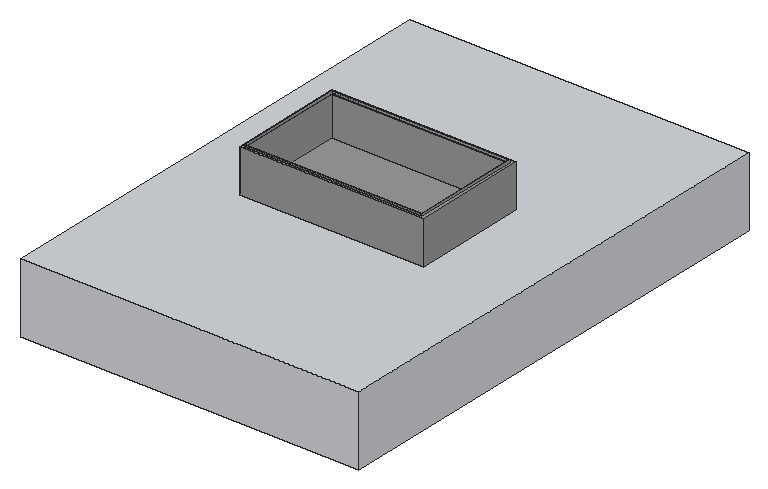
Revit family "Hager-Univers-IP30-D205-H500-Cl.II-Encl-CH-en", category Equipement électrique, Revit 2020
Family settings
  Hôte = Face
  Configuration du panneau = Deux colonnes, circuits au sein
  Cote de connecteur circulaire = Utiliser le diamètre
  Type d'élément = Tableau de raccordement
  Couper avec des vides une fois chargée = Non
  Partagée = Non
  Point de calcul de pièce = Non
Parameters (values of type "Surface mounted (plaster) IP30 W800 H500 D205  - FP33Q1S")
  Width Control [instance] = if([EF000008 - Width] > Min Width, [EF000008 - Width], Min Width)  # 800 mm
  Commentaires du type = [HG000003 - Range]  # "Univers"
  Thickness Door [instance] = if([EF009171 - Material plate thickness door/cover] > 3 mm, 3 mm, [EF009171 - Material plate thickness door/cover])  # 1 mm
  Seal Frame Offset [instance] = 17 mm  # constant formula
  Plinth Visibility [instance] = [HG000027 - Plinth height] > 0 mm  # no
  Model = ""
  Min Width [instance] = 100 mm  # constant formula
  Min Height [instance] = 100 mm  # constant formula
  Min Depth [instance] = (2 * [EF009170 - Material plate thickness cabinet]) + 1 mm  # 3 mm
  Internal Frame Depth [instance] = (Door System Depth * 0.5)  # 9 mm
  Height Control [instance] = if([EF000040 - Height] > Min Height, [EF000040 - Height], Min Height)  # 500 mm
  HG000027 - Plinth height = 0 mm
  HG000026 - Floor standing = no
  HG000024 - Bottom section height = 800 mm
  HG000023 - Double section enclosure = no
  HG000016 - Door 3d visibility [instance] = yes
  HG000015 - Clearance visibility [instance] = no
  HG000014 - Door on the right [instance] = yes
  HG000013 - Door on the left [instance] = not([HG000014 - Door on the right])  # no
  HG000012 - Door swing angle [instance] = 30.00°
  HG000010 - Asymmetric doors = no
  HG000009 - Double swing door = no
  HG000006 - Flush mounted = no
  HG000004 - Manufacturer reference = "FP33Q1S"
  HG000003 - Range = "Univers"
  HG000002 - With door or cover = no
  Frame Offset Bottom [instance] = 10 mm  # constant formula
  Frame Offset [instance] = 15 mm  # constant formula
  EF015940 - Cover with overpressure release = no
  EF011959 - Degree of protection (NEMA) = ""
  EF009554 - Number of openings for flange plates = 6
  EF009212 - Cover model = "EV009916 - With notch"
  EF009171 - Material plate thickness door/cover = 1 mm
  EF009170 - Material plate thickness cabinet = 1 mm
  Fabricant = "Hager"  # constant formula
  EF008873 - Nominal current (In) = 250 A
  EF007800 - Suitable for lightning protection = no
  EF006306 - With lock = no
  EF006244 - Transparent cover/door = no
  EF005474 - Degree of protection (IP) = "EV006410 - IP30"
  EF004464 - Type of door = "EV000494 - None"
  EF004427 - Number of modules = 108
  EF004293 - Impact strength = "EV006813 - IK07"
  EF003532 - Suitable for outdoor use = no
  EF002950 - Width in number of modular spacings = 36
  EF001613 - Circuit integrity = "EV000494 - None"
  EF001596 - Material housing = "EV000179 - Steel"
  EF001131 - Internal depth = 130 mm
  EF001088 - Extension possible = yes
  EF000437 - Number of conduit inlets = 6
  EF000339 - Type of cover = "EV000494 - None"
  EF000266 - Number of rows = 3
  EF000218 - Built-in depth = 0 mm
  EF000118 - With mounting plate = no
  EF000116 - RAL-number = "9010"
  EF000049 - Depth = 205 mm
  EF000040 - Height = 500 mm
  EF000008 - Width = 800 mm
  EF000007 - Colour = "EV000202 - White"
  EF000003 - Mounting method = "EV000384 - Surface mounted (plaster)"
  Door System Leaf Tolerance [instance] = 1.5 mm  # constant formula
  Door System Depth [instance] = 18 mm  # constant formula
  Door Height [instance] = Height Control - [HG000027 - Plinth height]  # 500 mm
  Depth Control [instance] = if([EF000049 - Depth] > Min Depth, [EF000049 - Depth], Min Depth)  # 205 mm
  Default Elevation = 0 mm
  Connector Offset [instance] = Height Control / 2  # 250 mm
  Bottom Top Plate Trim [instance] = 1.5 mm  # constant formula
  Plinth height Ctrl [instance] = if([HG000027 - Plinth height] > 0 mm, [HG000027 - Plinth height], 12 mm)  # 12 mm
Types (5, lengths in mm): name | Width Control | HG000004 - Manufacturer reference | EF009554 - Number of openings for flange plates | EF004427 - Number of modules | EF002950 - Width in number of modular spacings | EF000437 - Number of conduit inlets | EF000008 - Width
  Surface mounted (plaster) IP30 W1050 H500 D205  - FP34Q1S | 1050 | "FP34Q1S" | 8 | 144 | 48 | 8 | 1050
  Surface mounted (plaster) IP30 W1300 H500 D205  - FP35Q1S | 1300 | "FP35Q1S" | 10 | 180 | 60 | 10 | 1300
  Surface mounted (plaster) IP30 W300 H500 D205  - FP31Q1S | 300 | "FP31Q1S" | 2 | 36 | 12 | 2 | 300
  Surface mounted (plaster) IP30 W550 H500 D205  - FP32Q1S | 550 | "FP32Q1S" | 4 | 72 | 24 | 4 | 550
  Surface mounted (plaster) IP30 W800 H500 D205  - FP33Q1S | 800 | "FP33Q1S" | 6 | 108 | 36 | 6 | 800
Reference planes
  plane 1 "Center (Front/Back)": y = 0
  plane 2: z = 0
  plane 3 "Center (Left/Right)": x = 0
  plane 4: z = 205
  plane 5: y = 1
  plane 6: y = 250
  plane 7: y = 0
  plane 8: y = 500
  plane 9: z = 0
  plane 10: x = -385
  plane 11: x = 385
  plane 12: x = 384
  plane 13: x = -384
  plane 14: y = 499
  plane 15: x = -383
  plane 16: x = -400
  plane 17: x = 383
  plane 18: x = 400
  plane 19: x = 399
  plane 20: x = -399
  plane 21: y = 11
  plane 22: y = 500
  plane 23: y = 484
  plane 24: z = 187
  plane 25: z = 1
  plane 26: z = 186
  plane 27: z = 204
Forms (mm)
  Extrusion 1, solid
    sketch origin (0, 0, 0) x (1, 0, 0) y (0, 1, 0)
      loop
        line (-702.964, 1305) -> (-702.964, -811.445) -> (766.763, -811.445) -> (766.763, 1305) -> (-702.964, 1305)
    from 0 to -304.8
  Extrusion 2, solid, material "Hager_Steel_RAL7035_Light_Grey", visible <- "Plinth Visibility", detail levels medium+fine
    sketch origin (0, 0, 0) x (1, 0, 0) y (0, 1, 0)
      loop
        line (-400, 0) -> (400, 0) -> (400, 12) -> (-400, 12) -> (-400, 0)
    from 0 to 187
  Extrusion 3, solid, material "Hager_Steel_RAL7035_Light_Grey", detail levels medium+fine
    sketch origin (0, 0, 0) x (1, 0, 0) y (0, 1, 0)
      loop
        line (-400, 0) -> (400, 0) -> (400, 500) -> (-400, 500) -> (-400, 0)
    from 0 to 187
  Extrusion 4, void
    sketch origin (0, 0, 0) x (1, 0, 0) y (0, 1, 0)
      loop
        line (-399, 1) -> (399, 1) -> (399, 499) -> (-399, 499) -> (-399, 1)
    from 1 to 186
  Extrusion 5, void
    sketch origin (-381.607, -4572, 187) x (0, -1, 0) y (-1, 0, 0)
      loop
        line (-4583, 2.393) -> (-5056, 2.393) -> (-5056, -765.607) -> (-4583, -765.607) -> (-4583, 2.393)
    from 0 to 1 <- "EF009170 - Material plate thickness cabinet"
  Extrusion 6, solid, material "Hager_Steel_RAL7035_Light_Grey", detail levels fine
    sketch origin (0, 0, 187) x (1, 0, 0) y (0, 1, 0)
      loop
        line (-384, 484) -> (-384, 11) -> (384, 11) -> (384, 484) -> (-384, 484)
      loop
        line (-385, 10) -> (385, 10) -> (385, 485) -> (-385, 485) -> (-385, 10)
    from 0 to 9 <- "Internal Frame Depth"
  Extrusion 7, solid, material "Hager_Steel_RAL7035_Light_Grey", detail levels coarse
    sketch origin (0, 0, 0) x (1, 0, 0) y (0, 1, 0)
      loop
        line (-400, 0) -> (400, 0) -> (400, 500) -> (-400, 500) -> (-400, 0)
    from 0 to 205
  Sweep 8, void
    path in 3D
      loop
        line (-400, 12, 0) -> (400, 12, 0) -> (400, 12, 187) -> (-400, 12, 187) -> (-400, 12, 0)
    profile origin (-400, 12, 93.5) x (-1, 0, 0) y (0, -1, 0)
      loop
        line (0, 0) -> (0, 1.5) -> (-1.5, 1.5)
        arc (-1.5, 1.5) -> (-1.061, 0.439) -> (0, 0) r 1.5
Cuts and joins
  Extrusion 4, Extrusion 5 cuts Extrusion 3
  Sweep 8 cuts Extrusion 2
Lines and regions (mm)
  Masking region 1
    outline origin (0, 0, 0) x (1, 0, 0) y (0, 0, 1)
      loop
        line (-400, 205) -> (-400, 0) -> (400, 0) -> (400, 205) -> (-400, 205)
  Masking region 2, detail levels medium+fine
    outline origin (0, 140, 0) x (0, 1, 0) y (0, 0, 1)
      loop
        line (-140, 0) -> (360, 0) -> (360, 187) -> (-140, 187) -> (-140, 0)
  Masking region 3, not visible, detail levels medium+fine
    outline origin (0, 297.922, 0) x (0, 1, 0) y (0, 0, 1)
      loop
        line (-36.422, 0) -> (3.578, 0) -> (3.578, 194)
        arc (3.578, 194) -> (0.649, 201.071) -> (-6.422, 204) r 10
        line (-6.422, 204) -> (-36.422, 204) -> (-36.422, 0)
  Masking region 4, detail levels coarse
    outline origin (0, 0, 180) x (0, 1, 0) y (0, 0, 1)
      loop
        line (0, -180) -> (500, -180) -> (500, 25) -> (0, 25) -> (0, -180)
  Masking region 5, visible <- "Plinth Visibility", detail levels medium+fine
    outline origin (0, 52.24, 12.345) x (0, 0, -1) y (0, 1, 0)
      loop
        line (10.845, -40.24) -> (-173.155, -40.24)
        arc (-173.155, -40.24) -> (-173.594, -41.301) -> (-174.655, -41.74) r 1.5
        line (-174.655, -41.74) -> (-174.655, -52.24) -> (12.345, -52.24) -> (12.345, -41.74)
        arc (12.345, -41.74) -> (11.285, -41.301) -> (10.845, -40.24) r 1.5
  Masking region 6, detail levels medium+fine
    outline origin (-381.607, -4572, 187) x (-1, 0, 0) y (0, -1, 0)
      loop
        line (18.393, -5072) -> (18.393, -4572) -> (-781.607, -4572) -> (-781.607, -5072) -> (18.393, -5072)
  Masking region 7, visible <- "Plinth Visibility", detail levels medium+fine
    outline origin (-381.607, -4727, 187) x (-1, 0, 0) y (0, -1, 0)
      loop
        arc (16.893, -4739) -> (17.332, -4737.939) -> (18.393, -4737.5) r 1.5
        line (18.393, -4737.5) -> (18.393, -4727) -> (-781.607, -4727) -> (-781.607, -4737.5)
        arc (-781.607, -4737.5) -> (-780.546, -4737.939) -> (-780.107, -4739) r 1.5
        line (-780.107, -4739) -> (16.893, -4739)
  Masking region 8, detail levels coarse
    outline origin (-442.548, -4669.526, 187) x (-1, 0, 0) y (0, -1, 0)
      loop
        line (-42.548, -5169.526) -> (-42.548, -4669.526) -> (-842.548, -4669.526) -> (-842.548, -5169.526) -> (-42.548, -5169.526)
  sketch lines
    curve 1: line (-400, 12, 187) -> (-400, 12, 0)
    curve 2: line (400, 12, 187) -> (-400, 12, 187)
    curve 3: line (400, 12, 187) -> (400, 12, 0)
    curve 4: line (-400, 12, 0) -> (400, 12, 0)
Dimensions and locks
  "Depth Control": plane 4 to Extrusion 1
  "HG000027 - Plinth height": plane 1 "Center (Front/Back)" to plane 7
  "EF009170 - Material plate thickness cabinet": plane 5 to plane 7
  locked: connector elem to plane 3 "Center (Left/Right)"
  equal spacing: plane 8, plane 6, plane 7
  locked: connector elem to plane 6
  "EF009170 - Material plate thickness cabinet": plane 8 to plane 14
  "EF009170 - Material plate thickness cabinet": plane 10 to plane 13
  "EF009170 - Material plate thickness cabinet": plane 12 to plane 11
  "Frame Offset": plane 20 to plane 13
  "Frame Offset": plane 12 to plane 19
  "EF009170 - Material plate thickness cabinet": plane 16 to plane 20
  "EF009170 - Material plate thickness cabinet": plane 19 to plane 18
  "Seal Frame Offset": plane 16 to plane 15
  "Seal Frame Offset": plane 17 to plane 18
  "Frame Offset Bottom": plane 21 to plane 5
  "Frame Offset": plane 14 to plane 23
  equal spacing: plane 16, plane 3 "Center (Left/Right)", plane 18
  "Width Control": plane 16 to plane 18
  "EF009170 - Material plate thickness cabinet": plane 4 to plane 27
  "EF009170 - Material plate thickness cabinet": plane 24 to plane 26
  "EF009170 - Material plate thickness cabinet": plane 25 to level
  "Door System Depth": plane 4 to plane 24
  "Height Control": plane 1 "Center (Front/Back)" to Extrusion 7 sketch curve
  "Height Control": Masking region 4 sketch curve to plane 1 "Center (Front/Back)"
  "Height Control": plane 1 "Center (Front/Back)" to plane 22
  "Bottom Top Plate Trim": profile plane to Sweep 8 sketch curve
  "Bottom Top Plate Trim": Sweep 8 sketch curve to profile plane
  "Plinth height Ctrl": plane 1 "Center (Front/Back)" to Extrusion 2 sketch curve
  "Plinth height Ctrl": Masking region 5 sketch curve to plane 1 "Center (Front/Back)"
  "Plinth height Ctrl": plane 1 "Center (Front/Back)" to Masking region 7 sketch curve
  "Thickness Door": Extrusion 6 sketch curve to Extrusion 6 sketch curve  (x3)
  "Thickness Door": cut or joined group of Extrusion 3, Extrusion 4, Extrusion 5 to Extrusion 6 sketch curve
  radius of Masking region 3 sketch curve = 10 mm
  "Bottom Top Plate Trim": radius of Masking region 5 sketch curve  (x2)
  "Bottom Top Plate Trim": radius of Sweep 8 sketch curve
  "Bottom Top Plate Trim": radius of Masking region 7 sketch curve  (x2)
  aligned and locked: plane 2 to Extrusion 1
  aligned and locked: level to Extrusion 1
  aligned and locked: level to Masking region 1 sketch curve
  aligned and locked: Masking region 1 sketch curve to plane 18
  aligned and locked: Masking region 1 sketch curve to plane 16
  aligned and locked: plane 7 to Masking region 2 sketch curve
  aligned and locked: level to Masking region 3 sketch curve
  aligned and locked: Masking region 3 sketch curve to plane 27
  aligned and locked: level to Masking region 2 sketch curve
  aligned and locked: plane 1 "Center (Front/Back)" to Extrusion 2 sketch curve
  aligned and locked: Extrusion 3 sketch curve to plane 7
  aligned and locked: plane 16 to Extrusion 3 sketch curve
  aligned and locked: plane 18 to Extrusion 3 sketch curve
  aligned and locked: plane 20 to Extrusion 4 sketch curve
  aligned and locked: plane 19 to Extrusion 4 sketch curve
  aligned and locked: Extrusion 4 sketch curve to plane 5
  aligned and locked: Extrusion 4 to plane 25
  aligned and locked: plane 26 to Extrusion 4
  aligned and locked: plane 24 to Extrusion 3
  aligned and locked: Extrusion 5 sketch curve to plane 21
  aligned and locked: Extrusion 5 sketch curve to plane 13
  aligned and locked: Extrusion 5 sketch curve to plane 12
  aligned and locked: plane 18 to Extrusion 7 sketch curve
  aligned and locked: plane 1 "Center (Front/Back)" to Extrusion 7 sketch curve
  aligned and locked: plane 16 to Extrusion 7 sketch curve
  aligned and locked: plane 4 to Extrusion 7
  aligned and locked: Extrusion 7 to level
  aligned and locked: level to Masking region 4 sketch curve
  aligned and locked: Masking region 4 sketch curve to plane 1 "Center (Front/Back)"
  aligned and locked: Masking region 4 sketch curve to plane 4
  aligned and locked: nested 1 to level
  aligned and locked: nested 1 to plane 16
  aligned and locked: plane 8 to Extrusion 3 sketch curve
  aligned and locked: plane 23 to Extrusion 5 sketch curve
  aligned and locked: plane 14 to Extrusion 4 sketch curve
  aligned and locked: Masking region 2 sketch curve to plane 8
  aligned and locked: level to Masking region 5 sketch curve
  aligned and locked: plane 16 to Extrusion 2 sketch curve
  aligned and locked: plane 18 to Extrusion 2 sketch curve
  aligned and locked: Masking region 5 sketch curve to plane 24
  aligned and locked: Masking region 2 sketch curve to plane 24
  aligned and locked: plane 24 to Extrusion 2
  aligned and locked: profile plane to Sweep 8 sketch curve  (x2)
  aligned and locked: Masking region 6 sketch curve to plane 18
  aligned and locked: Masking region 6 sketch curve to plane 22
  aligned and locked: Masking region 6 sketch curve to plane 16
  aligned and locked: plane 8 to plane 22
  aligned and locked: Masking region 6 sketch curve to plane 7
  aligned and locked: Masking region 7 sketch curve to plane 16
  aligned and locked: Masking region 7 sketch curve to plane 1 "Center (Front/Back)"
  aligned and locked: Masking region 7 sketch curve to plane 18
  aligned and locked: Masking region 8 sketch curve to plane 1 "Center (Front/Back)"
  aligned and locked: Masking region 8 sketch curve to plane 18
  aligned and locked: Masking region 8 sketch curve to plane 22
  aligned and locked: Masking region 8 sketch curve to plane 16
  aligned and locked: nested 2 to plane 7
  aligned and locked: plane 3 "Center (Left/Right)" to nested 2
  aligned and locked: nested 2 to plane 24
  aligned and locked: Extrusion 6 sketch curve to cut or joined group of Extrusion 3, Extrusion 4, Extrusion 5  (x4)
Automatic sketch dimensions
  Extrusion 1 sketch curve to Extrusion 1 sketch curve = 1469.727 mm
  Extrusion 1 sketch curve to Extrusion 1 sketch curve = 2116.445 mm
  Masking region 1 sketch curve to plane 4 = 0 mm
  plane 6 to Masking region 3 sketch curve = 11.5 mm
  Masking region 3 sketch curve to Masking region 3 sketch curve = 30 mm
  Masking region 5 sketch curve to plane 1 "Center (Front/Back)" = 0 mm
Nested families
  nested 1: "Hager_Enclosure_Symbol" at (-400, 0, 0) x (1, 0, 0) z (0, -1, 0), Height <- "Depth Control", Width <- "Width Control", type "Hager_Enclosure_Symbol"
    with Width_Ctrl 800 mm, Width 800 mm, Height_Ctrl 205 mm, Height 205 mm, A_Width_Int 13.453 mm, A_Width 161.438 mm, A_Height_Ctrl 179.375 mm, A_Height 179.375 mm
  nested 2: "EC000058_Univers_Door" at (0, 0, 187) x (1, 0, 0) z (0, 1, 0), Leaf_Tolerance <- "Door System Leaf Tolerance", Angle <- "HG000012 - Door swing angle", Door_Depth <- "Door System Depth", Door_Left <- "HG000013 - Door on the left", Transparent <- "EF006244 - Transparent cover/door", Assymetrical <- "HG000010 - Asymmetric doors", Width <- "Width Control", Clearance <- "HG000015 - Clearance visibility", Double <- "HG000009 - Double swing door", 3d_Door <- "HG000016 - Door 3d visibility", Lock_Visibility <- "EF006306 - With lock", Width_Ctrl <- "Width Control", Door_Right <- "HG000014 - Door on the right", Door <- "HG000002 - With door or cover", Height <- "Door Height", Thickness <- "Thickness Door", type "EC000058_Univers_Door", detail levels medium+fine
    with min_wh 3 mm, Width_Ctrl 800 mm, Width 800 mm, Transparent no, Thickness 1 mm, Seal_Material Hager_Rubber, Lock_Visibility no, Lock_Material Hager_Plastic_RAL9005_Jet_Black, Leaf_Width 800 mm, Leaf_Tolerance_External_Sides 0 mm, Leaf_Tolerance 1.5 mm, Leaf_Offset 0 mm, Leaf_Height 497 mm, Leaf_2_Width 800 mm, Leaf_2_Offset 400 mm, Leaf_1_Width 800 mm, Leaf_1_Offset 400 mm, Height_Ctrl 500 mm, Height 500 mm, Glass_Material Hager_Glass, Double_Clearance_Ctrl no, Double no, Door_Right_Ctrl no, Door_Right yes, Door_Material Hager_Steel_RAL7035_Light_Grey, Door_Left_Ctrl no, Door_Left no, Door_Depth 18 mm, Door no, Clearance_Material Hager_Clearance, Clearance_Depth 800 mm, Clearance_Ctrl no, Clearance no, Assymetrical no, Angle 30.00°, 3d_Door yes
Connectors
  electrical at (0, 250, 0)
    settings: on plane 9, index 1, voltage 0 V, apparent load 0 VA, apparent load phase1 0 VA, apparent load phase2 0 VA, apparent load phase3 0 VA, power factor 1, load classification "Other", number of poles 1, system type 30, power factor state 1, is connector primary yes, connector utility no, sub classification motor no, connector description ""
Definition of nested family "Hager_Enclosure_Symbol"
  Parameters (values of type "Hager_Enclosure_Symbol")
    Width_Ctrl [instance] = if(Width > 1 mm, Width, 1 mm)  # 102.27 mm
    Width [instance] = 102.27 mm
    Height_Ctrl [instance] = if(Height > 1 mm, Height, 1 mm)  # 66.5 mm
    A_Width_Int [instance] = if(A_Width / 12 > 2 mm, A_Width / 12, 2 mm)  # 4.364 mm
    A_Width [instance] = if(A_Height_Ctrl * 0.9 > 2 mm, A_Height_Ctrl * 0.9, 2 mm)  # 52.369 mm
    A_Height_Ctrl [instance] = if(A_Height > 2 mm, A_Height, 2 mm)  # 58.188 mm
    Height [instance] = 66.5 mm
    A_Height [instance] = Height - (Height / 8)  # 58.188 mm
  Reference planes
    plane 1 "Centre (avant/arrière)": y = 0
    plane 2: z = 0
    plane 3 "Centre (gauche/droite)": x = 0
    plane 4: x = 52.369
    plane 5: y = 33.042
    plane 6: y = 41.77
    plane 7: y = 66.5
    plane 8: x = 26.184
    plane 9: y = 37.406
    plane 10: x = 102.27
    plane 11: y = 66.5
    plane 12: y = 8.313
  Lines and regions (mm)
    Filled region 1, type "Solid_Black", in view "Niveau de réf."
      outline origin (0, 0, 0) x (1, 0, 0) y (0, 1, 0)
        loop
          line (52.369, 66.5) -> (33.188, 54.536) -> (45.365, 45.006) -> (52.369, 66.5)
    Filled region 2, type "Solid_Black", in view "Niveau de réf."
      outline origin (0, 0, 0) x (1, 0, 0) y (0, 1, 0)
        loop
          line (0, 0) -> (102.27, 0) -> (102.27, 66.5) -> (0, 0)
    detail lines, in view "Niveau de réf."
      curve 1: line (0, 8.313, 0) -> (26.184, 41.77, 0)
      curve 2: line (26.184, 41.77, 0) -> (26.184, 33.042, 0)
      curve 3: line (26.184, 33.042, 0) -> (52.369, 66.5, 0)
  Dimensions and locks
    "A_Width": plane 3 "Centre (gauche/droite)" to plane 4
    equal spacing: plane 3 "Centre (gauche/droite)", plane 8, plane 4
    equal spacing: plane 6, plane 9, plane 5
    equal spacing: curve 3, Filled region 1 sketch curve, Filled region 1 sketch curve
    "Height_Ctrl": plane 1 "Centre (avant/arrière)" to plane 11
    "A_Height_Ctrl": plane 11 to plane 12
    equal spacing: plane 11, plane 9, plane 12
    "A_Width_Int": plane 6 to plane 9
    "Width_Ctrl": plane 3 "Centre (gauche/droite)" to plane 10
    angle Filled region 1 sketch curve to curve 3 = 20.00°
    angle curve 3 to Filled region 1 sketch curve = 20.00°
    locked: curve 3 to Filled region 1 sketch curve (angle 90.00°)
    aligned and locked: plane 10 to Filled region 2
    aligned and locked: plane 11 to Filled region 2 sketch curve
    aligned and locked: plane 10 to Filled region 2 sketch curve
    aligned and locked: plane 3 "Centre (gauche/droite)" to curve 1
    aligned and locked: plane 12 to curve 1
    aligned and locked: plane 7 to plane 11
  Automatic sketch dimensions
    Filled region 1 sketch curve to plane 4 = 0 mm
    Filled region 1 sketch curve to plane 7 = 0 mm
    plane 1 "Centre (avant/arrière)" to Filled region 2 sketch curve = 0 mm
    Filled region 2 sketch curve to plane 3 "Centre (gauche/droite)" = 0 mm
    curve 2 to plane 6 = 0 mm
    curve 2 to plane 8 = 0 mm
    curve 3 to plane 4 = 0 mm
    curve 2 to plane 5 = 0 mm
    curve 3 to plane 7 = 0 mm
Definition of nested family "EC000058_Univers_Door"
  Parameters (values of type "EC000058_Univers_Door")
    min_wh [instance] = (2 * Thickness) + 1 mm  # 11 mm
    Width_Ctrl [instance] = 400 mm
    Width [instance] = 500 mm
    Transparent [instance] = yes
    Thickness [instance] = 5 mm
    Seal_Material [instance] = none
    Lock_Visibility [instance] = yes
    Lock_Material [instance] = none
    Leaf_Width [instance] = if((Width_Ctrl - 2 * Leaf_Tolerance_External_Sides) > 0 mm, (Width_Ctrl - 2 * Leaf_Tolerance_External_Sides), min_wh)  # 400 mm
    Leaf_Tolerance_External_Sides [instance] = 0 mm  # constant formula
    Leaf_Tolerance [instance] = 1.5 mm
    Leaf_Offset [instance] = 0 mm  # constant formula
    Leaf_Height [instance] = if((Height_Ctrl - 2 * Leaf_Tolerance) > 0 mm, (Height_Ctrl - 2 * Leaf_Tolerance), min_wh)  # 497 mm
    Leaf_2_Width [instance] = if(and(and(Double, Assymetrical), Door_Left), (Leaf_Width / 3) - (Leaf_Tolerance / 2), if(and(and(Double, Assymetrical), Door_Right), (Leaf_Width / 3) * 2 - (Leaf_Tolerance / 2), if(and(Double, not(Assymetrical)), (Leaf_Width / 2) - Leaf_Tolerance, Leaf_Width)))  # 400 mm
    Leaf_2_Offset [instance] = if(and(Double, Assymetrical), Leaf_2_Width / 2, if(and(Double, not(Assymetrical)), Leaf_Width / 4, Leaf_Width / 2))  # 200 mm
    Leaf_1_Width [instance] = if(and(and(Double, Assymetrical), Door_Right), (Leaf_Width / 3) - (Leaf_Tolerance / 2), if(and(and(Double, Assymetrical), Door_Left), (Width / 3) * 2 - (Leaf_Tolerance / 2), if(and(Double, not(Assymetrical)), (Leaf_Width / 2) - Leaf_Tolerance, Leaf_Width)))  # 400 mm
    Leaf_1_Offset [instance] = if(and(Double, Assymetrical), Leaf_1_Width / 2, if(and(Double, not(Assymetrical)), Leaf_Width / 4, Leaf_Width / 2))  # 200 mm
    Height_Ctrl [instance] = if(Height > min_wh, Height, min_wh)  # 500 mm
    Height [instance] = 500 mm
    Glass_Material [instance] = none
    Double_Clearance_Ctrl [instance] = and(Double, Clearance)  # no
    Double [instance] = no
    Door_Right_Ctrl [instance] = and(or(Door_Right, Double), Door)  # yes
    Door_Right [instance] = yes
    Door_Material [instance] = none
    Door_Left_Ctrl [instance] = and(or(Door_Left, Double), Door)  # no
    Door_Left [instance] = no
    Door_Depth [instance] = 30 mm
    Door [instance] = yes
    Default Elevation = 1219.2 mm
    Clearance_Material [instance] = none
    Clearance_Depth [instance] = if(Leaf_1_Width > Leaf_2_Width, Leaf_1_Width, Leaf_2_Width)  # 400 mm
    Clearance_Ctrl [instance] = and(not(Double), Clearance)  # yes
    Clearance [instance] = yes
    Assymetrical [instance] = yes
    Angle [instance] = 30.00°
    3d_Door [instance] = yes
  Reference planes
    plane 1 "Center (Front/Back)": y = 0
    plane 2 "Bottom": z = 0
    plane 3 "Center (Left/Right)": x = 0
    plane 4: z = 500
    plane 5: x = -200
    plane 6: x = 200
    plane 7: z = 500
    plane 8: x = -200
    plane 9: z = 0
    plane 10: x = 200
    plane 11: y = 0
    plane 12: z = 1.5
    plane 13: x = -600
    plane 14: y = -400
    plane 15: x = 600
    plane 16: x = 0
    plane 17: x = 0
    plane 18: x = -200
    plane 19: x = 200
    plane 20: z = 498.5
  Forms (mm)
    Extrusion 1, solid, material <- "Clearance_Material", visible <- "Double_Clearance_Ctrl"
      sketch origin (1200, 0, 0) x (1, 0, 0) y (0, 0, -1)
        loop
          line (-1800, -498.5) -> (-600, -498.5) -> (-600, 0) -> (-1800, 0) -> (-1800, -498.5)
      from 0 to -400
  Dimensions and locks
    equal spacing: plane 5, plane 3 "Center (Left/Right)", plane 6
    "Width_Ctrl": plane 5 to plane 6
    "Leaf_Offset": plane 5 to plane 8
    "Leaf_Offset": plane 6 to plane 10
    "Leaf_Offset": plane 9 to level
    "Leaf_Offset": plane 4 to plane 7
    "Height_Ctrl": plane 4 to level
    "Leaf_Tolerance": plane 12 to plane 9
    locked: plane 11 to plane 1 "Center (Front/Back)"
    "Leaf_1_Offset": plane 18 to plane 16
    "Leaf_2_Offset": plane 17 to plane 19
    "Leaf_1_Width": plane 13 to plane 8
    "Leaf_2_Width": plane 10 to plane 15
    "Clearance_Depth": plane 14 to plane 1 "Center (Front/Back)"
    "Leaf_Tolerance_External_Sides": plane 8 to plane 18
    "Leaf_Tolerance_External_Sides": plane 19 to plane 10
    "Leaf_Tolerance": plane 7 to plane 20
    aligned and locked: level to plane 2 "Bottom"
    aligned and locked: nested 1 to plane 16
    aligned and locked: nested 2 to plane 17
    aligned and locked: Extrusion 1 to plane 13
    aligned and locked: plane 15 to Extrusion 1
    aligned and locked: Extrusion 1 to plane 14
    aligned and locked: plane 12 to nested 1
    aligned and locked: nested 2 to plane 12
    aligned and locked: Extrusion 1 to plane 11
    aligned and locked: plane 20 to Extrusion 1
    aligned and locked: nested 2 to plane 11
    aligned and locked: nested 1 to plane 11
  Automatic sketch dimensions
    Extrusion 1 sketch curve to level = 0 mm
    plane 5 to Extrusion 1 sketch curve = 400 mm
    plane 6 to Extrusion 1 sketch curve = 400 mm
    Extrusion 1 sketch curve to plane 4 = 1.5 mm
  Nested families
    nested 1: "EC000058_Univers_Door_Leaf" at (0, 0, 1.5), Width <- "Leaf_1_Width", visible <- "Door_Left_Ctrl", Leaf_Height <- "Leaf_Height", Angle <- "Angle", 3d_Door <- "3d_Door", Transparent <- "Transparent", Clearance Material <- "Clearance_Material", Clearance <- "Clearance_Ctrl", Door_Material <- "Door_Material", Glass_Material <- "Glass_Material", Door_Depth <- "Door_Depth", Lock_Material <- "Lock_Material", Seal_Material <- "Seal_Material", Lock_Visibility <- "Lock_Visibility", Thickness <- "Thickness", type "EC000058_Univers_Door_Leaf"
      with Width 400 mm, Transparent_Glass_Offset 30 mm, Transparent_Ctrl yes, Transparent yes, Thickness 5 mm, Standard no, Seal_Material none, Seal_D2 8 mm, Seal_D1 1 mm, Offset_Internal_Frame 10 mm, Lock_Width 20 mm, Lock_Visibility_3d yes, Lock_Visibility yes, Lock_Thickness_3 3 mm, Lock_Thickness_2 1 mm, Lock_Thickness_1 3 mm, Lock_Radius_Offset_2 16 mm, Lock_Radius_Offset_1 15 mm, Lock_Radius_2 5 mm, Lock_Radius 6 mm, Lock_Offset 5 mm, Lock_Material none, Lock_Height 80 mm, Lock_Cover_Top_Offset_2d 17 mm, Lock_Cover_Height -65 mm, Leaf_Height 497 mm, Internal_Seal_Thickness 8 mm, Internal_Seal_Depth_2 4.5 mm, Internal_Frame_Depth 25 mm, Glass_Thickness -1 mm, Glass_Offset -2 mm, Glass_Material none, Door_Material none, Door_Depth 30 mm, Clearance Material none, Clearance yes, Angle_Ctrl 30.00°, Angle 30.00°, 3d_Door yes
    nested 2: "EC000058_Univers_Door_Leaf" at (0, 0, 1.5) x (-1, 0, 0) z (0, 0, 1), Width <- "Leaf_2_Width", visible <- "Door_Right_Ctrl", Leaf_Height <- "Leaf_Height", Angle <- "Angle", 3d_Door <- "3d_Door", Transparent <- "Transparent", Clearance Material <- "Clearance_Material", Clearance <- "Clearance_Ctrl", Door_Material <- "Door_Material", Glass_Material <- "Glass_Material", Door_Depth <- "Door_Depth", Lock_Material <- "Lock_Material", Seal_Material <- "Seal_Material", Lock_Visibility <- "Lock_Visibility", Thickness <- "Thickness", type "EC000058_Univers_Door_Leaf"
      with Width 400 mm, Transparent_Glass_Offset 30 mm, Transparent_Ctrl yes, Transparent yes, Thickness 5 mm, Standard no, Seal_Material none, Seal_D2 8 mm, Seal_D1 1 mm, Offset_Internal_Frame 10 mm, Lock_Width 20 mm, Lock_Visibility_3d yes, Lock_Visibility yes, Lock_Thickness_3 3 mm, Lock_Thickness_2 1 mm, Lock_Thickness_1 3 mm, Lock_Radius_Offset_2 16 mm, Lock_Radius_Offset_1 15 mm, Lock_Radius_2 5 mm, Lock_Radius 6 mm, Lock_Offset 5 mm, Lock_Material none, Lock_Height 80 mm, Lock_Cover_Top_Offset_2d 17 mm, Lock_Cover_Height -65 mm, Leaf_Height 497 mm, Internal_Seal_Thickness 8 mm, Internal_Seal_Depth_2 4.5 mm, Internal_Frame_Depth 25 mm, Glass_Thickness -1 mm, Glass_Offset -2 mm, Glass_Material none, Door_Material none, Door_Depth 30 mm, Clearance Material none, Clearance yes, Angle_Ctrl 30.00°, Angle 30.00°, 3d_Door yes
  Definition of nested family "EC000058_Univers_Door_Leaf"
    Parameters (values of type "EC000058_Univers_Door_Leaf")
      Width [instance] = 2000 mm
      Transparent_Glass_Offset [instance] = 30 mm
      Transparent_Ctrl [instance] = and(Transparent, [3d_Door])  # yes
      Transparent [instance] = yes
      Thickness [instance] = 5 mm
      Standard [instance] = and(not(Transparent), [3d_Door])  # no
      Seal_Material [instance] = none
      Seal_D2 [instance] = 8 mm  # constant formula
      Seal_D1 [instance] = 1 mm  # constant formula
      Offset_Internal_Frame [instance] = 10 mm  # constant formula
      Lock_Width [instance] = 20 mm  # constant formula
      Lock_Visibility_3d [instance] = and(Lock_Visibility, [3d_Door])  # yes
      Lock_Visibility [instance] = yes
      Lock_Thickness_3 [instance] = 3 mm  # constant formula
      Lock_Thickness_2 [instance] = 1 mm  # constant formula
      Lock_Thickness_1 [instance] = 3 mm  # constant formula
      Lock_Radius_Offset_2 [instance] = Lock_Radius_Offset_1 + 1 mm  # 16 mm
      Lock_Radius_Offset_1 [instance] = 15 mm  # constant formula
      Lock_Radius_2 [instance] = Lock_Radius - 1 mm  # 5 mm
      Lock_Radius [instance] = 6 mm  # constant formula
      Lock_Offset [instance] = 5 mm  # constant formula
      Lock_Material [instance] = none
      Lock_Height [instance] = 80 mm  # constant formula
      Lock_Cover_Top_Offset_2d [instance] = Lock_Radius_Offset_2 + 1 mm  # 17 mm
      Lock_Cover_Height [instance] = -(Lock_Height - Lock_Radius_Offset_1)  # -65 mm
      Leaf_Height [instance] = 2720.336 mm
      Internal_Seal_Thickness [instance] = 8 mm  # constant formula
      Internal_Seal_Depth_2 [instance] = 4.5 mm  # constant formula
      Internal_Frame_Depth [instance] = if(Door_Depth - Thickness > 5 mm, Door_Depth - Thickness, 5 mm)  # 25 mm
      Glass_Thickness [instance] = if(Thickness > 15 mm, Glass_Offset + 10 mm, -1 mm)  # -1 mm
      Glass_Offset [instance] = if(Thickness > 15 mm, -(Thickness + 10 mm) / 2, -2 mm)  # -2 mm
      Glass_Material [instance] = none
      Door_Material [instance] = none
      Door_Depth [instance] = 30 mm
      Default Elevation = 0 mm
      Clearance Material [instance] = none
      Clearance [instance] = yes
      Angle_Ctrl [instance] = if(Angle > 180.00°, 180.00°, Angle)  # 90.00°
      Angle [instance] = 90.00°
      3d_Door [instance] = yes
    Reference planes
      plane 1 "Center (Front/Back)": y = 0
      plane 2: z = 0
      plane 3 "Center (Left/Right)": x = 0
      plane 4: y = 2000
      plane 5: x = -1000
      plane 6: x = 1000
      plane 7: x = -3000
      plane 8: z = 2720.336
      plane 9: z = 30
      plane 10: z = 2690.336
      plane 11: x = 970
      plane 12: x = -970
      plane 13: y = -3
      plane 14: z = 107.833
      plane 15: y = -5
      plane 16: y = -223.314
      plane 17: x = -1000
      plane 18: z = 1360.168
      plane 19: y = 30
    Forms (mm)
      Extrusion 1, solid, material <- "Clearance Material", visible <- "Clearance"
        sketch origin (0, 0, 0) x (1, 0, 0) y (0, 0, 1)
          loop
            line (-3000, 2720.336) -> (-3000, 0) -> (1000, 0) -> (1000, 2720.336) -> (-3000, 2720.336)
        from 0 to -2000
      Extrusion 2, solid, material <- "Door_Material", visible <- "Standard", detail levels medium+fine
        sketch origin (-1000, 0, 0) x (0, 1, 0) y (-1, 0, 0)
          loop
            line (0, 30) -> (0, 25) -> (2000, 25) -> (2000, 30) -> (0, 30)
        from 0 to 2720.336 <- "Leaf_Height"
      Extrusion 3, solid, material <- "Door_Material", visible <- "Transparent_Ctrl", detail levels medium+fine
        sketch origin (-1000, 0, 0) x (0, 1, 0) y (-1, 0, 0)
          loop
            line (0, 25) -> (2000, 25) -> (2000, 30) -> (0, 30) -> (0, 25)
        from 0 to 2720.336 <- "Leaf_Height"
      Extrusion 4, void
        sketch origin (-1025, 2000, 0) x (0, 1, 0) y (0, 0, -1)
          loop
            line (-30, -2690.336) -> (-30, -30) -> (-1970, -30) -> (-1970, -2690.336) -> (-30, -2690.336)
        from 0 to 5 <- "Thickness"
      Sweep 5, solid, material <- "Seal_Material", visible <- "Transparent_Ctrl", detail levels fine
        path in 3D
          loop
            line (-1025, 30, 30) -> (-1025, 30, 2690.336) -> (-1025, 1970, 2690.336) -> (-1025, 1970, 30) -> (-1025, 30, 30)
        profile origin (-1025, 1000, 30) x (1, 0, 0) y (0, 0, 1)
          loop
            line (0, 0) -> (0, -8) -> (1, -8) -> (1, 0) -> (0, 0)
      Extrusion 6, solid, material <- "Glass_Material", visible <- "Transparent_Ctrl", detail levels medium+fine
        sketch origin (-1030, 0, 0) x (0, 1, 0) y (0, 0, -1)
          loop
            line (1970, -2690.336) -> (1970, -30) -> (30, -30) -> (30, -2690.336) -> (1970, -2690.336)
        from -2 <- "Glass_Offset" to -1 <- "Glass_Thickness"
      Extrusion 7, solid, material <- "Door_Material", visible <- "3d_Door", detail levels medium+fine
        sketch origin (-1025, 2000, 0) x (0, -1, 0) y (0, 0, -1)
          loop
            line (0, -2720.336) -> (2000, -2720.336) -> (2000, 0) -> (0, 0) -> (0, -2720.336)
          loop
            line (1995, -5) -> (5, -5) -> (5, -2715.336) -> (1995, -2715.336) -> (1995, -5)
        from 0 to 25 <- "Internal_Frame_Depth"
      Sweep 8, solid, material <- "Seal_Material", visible <- "Transparent_Ctrl", detail levels fine
        path in 3D
          loop
            line (-1025, 0, 0) -> (-1025, 2000, 0) -> (-1025, 2000, 2720.336) -> (-1025, 0, 2720.336) -> (-1025, 0, 0)
        profile origin (-1025, 0, 1360.168) x (1, 0, 0) y (0, 1, 0)
          loop
            line (0, 10) -> (2.975, 10)
            arc (2.975, 10) -> (4.053, 10.447) -> (4.5, 11.525) r 1.525
            line (4.5, 11.525) -> (4.5, 16.527)
            arc (4.5, 16.527) -> (4.069, 17.569) -> (3.027, 18) r 1.473
            line (3.027, 18) -> (0, 18) -> (0, 10)
      Extrusion 9, solid, material <- "Lock_Material", visible <- "Lock_Visibility_3d", detail levels fine
        sketch origin (-1030, 0, 0) x (0, 1, 0) y (0, 0, -1)
          loop
            arc (1993.5, -1400.168) -> (1994.561, -1399.729) -> (1995, -1398.668) r 1.5
            line (1995, -1398.668) -> (1995, -1320.168) -> (1975, -1320.168) -> (1975, -1398.668)
            arc (1975, -1398.668) -> (1975.439, -1399.729) -> (1976.5, -1400.168) r 1.5
            line (1976.5, -1400.168) -> (1993.5, -1400.168)
        from 3 <- "Lock_Thickness_1" to 0
      Blend 10, solid, material <- "Lock_Material", visible <- "Lock_Visibility_3d", detail levels fine
        base sketch origin (-1033, 0, 0) x (0, 1, 0) y (0, 0, -1)
          loop
            line (1975, -1320.168) -> (1975, -1398.668)
            arc (1975, -1398.668) -> (1975.439, -1399.729) -> (1976.5, -1400.168) r 1.5
            line (1976.5, -1400.168) -> (1993.5, -1400.168)
            arc (1993.5, -1400.168) -> (1994.561, -1399.729) -> (1995, -1398.668) r 1.5
            line (1995, -1398.668) -> (1995, -1320.168) -> (1975, -1320.168)
        top sketch origin (-1033, 0, 0) x (0, 1, 0) y (0, 0, -1)
          loop
            line (1976, -1320.168) -> (1976, -1398.668)
            arc (1976, -1398.668) -> (1976.146, -1399.022) -> (1976.5, -1399.168) r 0.5
            line (1976.5, -1399.168) -> (1993.5, -1399.168)
            arc (1993.5, -1399.168) -> (1993.854, -1399.022) -> (1994, -1398.668) r 0.5
            line (1994, -1398.668) -> (1994, -1320.168) -> (1976, -1320.168)
        from 0 to 1 <- "Lock_Thickness_2"
      Blend 11, solid, material <- "Lock_Material", visible <- "Lock_Visibility_3d", detail levels fine
        base sketch origin (-1034, 0, 0) x (0, 1, 0) y (0, 0, -1)
          loop
            line (1978, -1320.168) -> (1978, -1384.168)
            arc (1978, -1384.168) -> (1985, -1391.168) -> (1992, -1384.168) r 7
            line (1992, -1384.168) -> (1992, -1320.168) -> (1978, -1320.168)
        top sketch origin (-1034, 0, 0) x (0, 1, 0) y (0, 0, -1)
          loop
            line (1991, -1320.168) -> (1979, -1320.168) -> (1979, -1383.168)
            arc (1979, -1383.168) -> (1985, -1389.168) -> (1991, -1383.168) r 6
            line (1991, -1383.168) -> (1991, -1320.168)
        from 0 to 3 <- "Lock_Thickness_3"
      Extrusion 12, solid, material <- "Lock_Material", visible <- "Lock_Visibility_3d", detail levels fine
        sketch origin (-1030, 1975, 1320.168) x (1, 0, 0) y (0, -1, 0)
          loop
            line (-7, -19) -> (-7, -1) -> (0, -1) -> (0, 0) -> (-8, 0) -> (-8, -20) -> (0, -20) -> (0, -19) -> (-7, -19)
        from 0 to -65 <- "Lock_Cover_Height"
      Extrusion 13, void
        sketch origin (-1038, 1995, 1320.168) x (-1, 0, 0) y (0, 0, -1)
          loop
            line (-5, -65) -> (0, -65) -> (-5, -60) -> (-5, -65)
        from 0 to 20 <- "Lock_Width"
      Extrusion 14, void
        sketch origin (-1038, 1975, 1320.168) x (0, -1, 0) y (0, 0, -1)
          loop
            circle (-10, -15.995) r 6
          loop
            circle (-10, -15.995) r 5
        from 0 to 2
      Extrusion 15, solid, material <- "Lock_Material", visible <- "Lock_Visibility_3d", detail levels medium
        sketch origin (-1030, 0, 0) x (0, 1, 0) y (0, 0, -1)
          loop
            arc (1993.5, -1400.168) -> (1994.561, -1399.729) -> (1995, -1398.668) r 1.5
            line (1995, -1398.668) -> (1995, -1320.168) -> (1975, -1320.168) -> (1975, -1398.668)
            arc (1975, -1398.668) -> (1975.439, -1399.729) -> (1976.5, -1400.168) r 1.5
            line (1976.5, -1400.168) -> (1993.5, -1400.168)
        from 8 to 0
    Cuts and joins
      Extrusion 4 cuts Extrusion 3
      Extrusion 13, Extrusion 14 cuts Extrusion 9
      Extrusion 14 cuts Blend 11
      Extrusion 13, Extrusion 14 cuts Extrusion 12
      joined: Extrusion 9, Blend 10, Blend 11, Extrusion 12
      Extrusion 14 cuts Extrusion 15
    Lines and regions (mm)
      Masking region 1, visible <- "Lock_Visibility", detail levels fine
        outline origin (0, 0, 0) x (0, 1, 0) y (0, 0, 1)
          loop
            line (30, 1320.168) -> (33, 1320.168) -> (33, 1400.168) -> (30, 1400.168) -> (30, 1320.168)
      Masking region 2, visible <- "Lock_Visibility", detail levels fine
        outline origin (0, 3.143, 0) x (0, 1, 0) y (0, 0, 1)
          loop
            line (29.857, 1354.168) -> (30.857, 1354.168) -> (30.857, 1366.168) -> (29.857, 1366.168) -> (29.857, 1354.168)
      Masking region 3, detail levels medium+fine
        outline origin (0, 0, 0) x (0, 1, 0) y (0, 0, 1)
          loop
            line (0, 0) -> (30, 0) -> (30, 2720.336) -> (0, 2720.336) -> (0, 0)
      Masking region 4, detail levels medium+fine
        outline origin (0, 0, 0) x (1, 0, 0) y (0, 0, 1)
          loop
            line (-1000, 2720.336) -> (-1000, 0) -> (1000, 0) -> (1000, 2720.336) -> (-1000, 2720.336)
      Masking region 5, visible <- "Lock_Visibility", detail levels fine
        outline origin (-47.116, 0, 0) x (1, 0, 0) y (0, 0, 1)
          loop
            arc (1024.616, 1399.168) -> (1023.556, 1398.729) -> (1023.116, 1397.668) r 1.5
            line (1023.116, 1397.668) -> (1023.116, 1320.168) -> (1041.116, 1320.168) -> (1041.116, 1397.668)
            arc (1041.116, 1397.668) -> (1040.677, 1398.729) -> (1039.616, 1399.168) r 1.5
            line (1039.616, 1399.168) -> (1024.616, 1399.168)
      Masking region 6, visible <- "Lock_Visibility", detail levels medium+fine
        outline origin (-25, 0, 0) x (1, 0, 0) y (0, 0, 1)
          loop
            arc (1001.5, 1400.168) -> (1000.439, 1399.729) -> (1000, 1398.668) r 1.5
            line (1000, 1398.668) -> (1000, 1320.168) -> (1020, 1320.168) -> (1020, 1398.668)
            arc (1020, 1398.668) -> (1019.561, 1399.729) -> (1018.5, 1400.168) r 1.5
            line (1018.5, 1400.168) -> (1001.5, 1400.168)
      Masking region 7, visible <- "Lock_Visibility", detail levels fine
        outline origin (-73.735, 0, 0) x (1, 0, 0) y (0, 0, 1)
          loop
            line (1051.735, 1382.168) -> (1065.735, 1382.168) -> (1065.735, 1384.168)
            arc (1065.735, 1384.168) -> (1058.735, 1391.168) -> (1051.735, 1384.168) r 7
            line (1051.735, 1384.168) -> (1051.735, 1382.168)
      Masking region 8, visible <- "Lock_Visibility", detail levels fine
        outline origin (-73.735, 0, 0) x (1, 0, 0) y (0, 0, 1)
          loop
            line (1052.735, 1382.168) -> (1064.735, 1382.168) -> (1064.735, 1383.168)
            arc (1064.735, 1383.168) -> (1058.735, 1389.168) -> (1052.735, 1383.168) r 6
            line (1052.735, 1383.168) -> (1052.735, 1382.168)
      Masking region 9, visible <- "Lock_Visibility", detail levels fine
        outline origin (-25, 0, 0) x (1, 0, 0) y (0, 0, 1)
          loop
            line (1020, 1320.168) -> (1020, 1382.168) -> (1000, 1382.168) -> (1000, 1320.168) -> (1020, 1320.168)
      Masking region 10, detail levels medium+fine
        outline origin (0, 0, 0) x (1, 0, 0) y (0, 0, 1)
          loop
            circle (985, 1335.144) r 6
      Masking region 11, detail levels fine
        outline origin (0, 0, 0) x (1, 0, 0) y (0, 0, 1)
          loop
            circle (985, 1335.144) r 5
      Masking region 12, visible <- "Lock_Visibility", detail levels fine
        outline origin (0, 12.767, 0) x (0, 1, 0) y (0, 0, 1)
          loop
            line (20.233, 1320.168) -> (21.233, 1320.168) -> (21.233, 1399.168) -> (20.233, 1400.168) -> (20.233, 1320.168)
      Masking region 13, visible <- "Lock_Visibility", detail levels fine
        outline origin (0, 13.767, -10) x (0, 1, 0) y (0, 0, 1)
          loop
            line (20.233, 1330.168) -> (23.233, 1330.168) -> (23.233, 1399.168) -> (20.233, 1402.168) -> (20.233, 1330.168)
      Masking region 14, visible <- "Lock_Visibility", detail levels fine
        outline origin (0, 12.767, -10) x (0, 1, 0) y (0, 0, 1)
          loop
            line (20.233, 1330.168) -> (25.233, 1330.168) -> (25.233, 1399.305) -> (20.233, 1394.305) -> (20.233, 1330.168)
      Masking region 15, visible <- "Lock_Visibility", detail levels medium
        outline origin (0, 0, 0) x (0, 1, 0) y (0, 0, 1)
          loop
            line (30, 1320.168) -> (38, 1320.168) -> (38, 1400.168) -> (30, 1400.168) -> (30, 1320.168)
      Masking region 16, visible <- "Lock_Visibility", detail levels fine
        outline origin (-1000, 0, 0) x (0, 1, 0) y (-1, 0, 0)
          loop
            line (1975, 30) -> (1995, 30) -> (1995, 38) -> (1975, 38) -> (1975, 30)
          loop
            line (1979, 37) -> (1976, 37) -> (1976, 34) -> (1978, 34) -> (1979, 37)
          loop
            line (1994, 37) -> (1991, 37) -> (1992, 34) -> (1994, 34) -> (1994, 37)
      Masking region 17, visible <- "Lock_Visibility", detail levels medium
        outline origin (-1000, 0, 0) x (0, 1, 0) y (-1, 0, 0)
          loop
            line (1975, 30) -> (1995, 30) -> (1995, 38) -> (1975, 38) -> (1975, 30)
      symbolic lines
        curve 1: line (1000, 0, 0) -> (-3000, 0, 0)
        curve 2: arc (1000, 0, 0) -> (-1000, 2000, 0) -> (-3000, 0, 0) r 2000
        curve 4: line (-1030, 0, 0) -> (-1030, 2000, 0)
      reference lines
        curve 3: line (-1000, 0, 0) -> (-1000, 2000, 0)
      symbolic lines, detail levels medium+fine
        curve 5: line (-1030, 2000, 0) -> (-1025, 2000, 0)
        curve 7: line (-1025, 0, 0) -> (-1030, 0, 0)
        curve 8: line (-1025, 0, 0) -> (-1000, 0, 0)
        curve 9: line (-1000, 0, 0) -> (-1000, 2000, 0)
        curve 10: line (-1000, 2000, 0) -> (-1025, 2000, 0)
      symbolic lines, detail levels fine
        curve 6: line (-1025, 2000, 0) -> (-1025, 0, 0)
      sketch lines
        curve 11: line (-1025, 0, 2720.336) -> (-1025, 0, 0)
        curve 12: line (-1025, 2000, 0) -> (-1025, 0, 0)
        curve 13: line (-1025, 2000, 2720.336) -> (-1025, 2000, 0)
        curve 14: line (-1025, 0, 2720.336) -> (-1025, 2000, 2720.336)
        curve 15: line (-1025, 1970, 30) -> (-1025, 30, 30)
        curve 16: line (-1025, 30, 30) -> (-1025, 30, 2690.336)
        curve 17: line (-1025, 1970, 2690.336) -> (-1025, 1970, 30)
        curve 18: line (-1025, 30, 2690.336) -> (-1025, 1970, 2690.336)
      symbolic lines, visible <- "Transparent", detail levels medium+fine
        curve 19: line (-970, 0, 2690.336) -> (970, 0, 2690.336)
        curve 20: line (-970, 0, 30) -> (-970, 0, 2690.336)
        curve 21: line (970, 0, 30) -> (-970, 0, 30)
        curve 22: line (970, 0, 2690.336) -> (970, 0, 30)
    Dimensions and locks
      "Width": plane 1 "Center (Front/Back)" to plane 4
      equal spacing: plane 5, plane 3 "Center (Left/Right)", plane 6
      "Width": plane 5 to plane 6
      "Width": plane 7 to plane 5
      "Leaf_Height": plane 8 to level
      "Width": curve 5 to curve 3
      "Width": curve 3 to curve 3
      plane 8 to plane 10 = 30 mm
      plane 9 to level = 30 mm
      plane 12 to plane 5 = 30 mm
      plane 6 to plane 11 = 30 mm
      Extrusion 1 to Extrusion 4 sketch curve = 30 mm
      "Transparent_Glass_Offset": curve 3 to Extrusion 4 sketch curve
      "Transparent_Glass_Offset": Extrusion 4 sketch curve to cut or joined group of Extrusion 3, Extrusion 4  (x2)
      cut or joined group of Extrusion 3, Extrusion 4 to Extrusion 6 sketch curve = 30 mm
      "Transparent_Glass_Offset": cut or joined group of Extrusion 3, Extrusion 4 to Extrusion 4 sketch curve
      "Thickness": curve 6 to curve 4
      "Thickness": Extrusion 7 sketch curve to Extrusion 7 sketch curve  (x4)
      "Door_Depth": curve 4 to curve 3
      "Offset_Internal_Frame": profile plane to Sweep 8 sketch curve
      "Internal_Seal_Thickness": Sweep 8 sketch curve to Sweep 8 sketch curve
      "Internal_Seal_Depth_2": profile plane to Sweep 8 sketch curve
      "Seal_D1": profile plane to Sweep 5 sketch curve
      "Seal_D2": profile plane to Sweep 5 sketch curve
      "Thickness": Extrusion 2 sketch curve to Extrusion 2 sketch curve
      equal spacing: Extrusion 9 sketch curve, plane 18, Extrusion 9 sketch curve  (x2)
      equal spacing: Masking region 1 sketch curve, plane 18, Masking region 1 sketch curve
      "Lock_Height": Masking region 1 sketch curve to Masking region 1 sketch curve
      "Lock_Radius": Masking region 2 sketch curve to plane 18 to Masking region 2 sketch curve
      Masking region 2 sketch curve to Masking region 1 = 1 mm
      "Door_Depth": plane 19 to plane 1 "Center (Front/Back)"
      "Lock_Thickness_1": Masking region 1 sketch curve to plane 19
      "Lock_Width": Extrusion 9 sketch curve to Extrusion 9 sketch curve
      "Lock_Height": Extrusion 9 sketch curve to Extrusion 9 sketch curve
      "Lock_Offset": cut or joined group of Extrusion 3, Extrusion 4 to Extrusion 9 sketch curve
      equal spacing: plane 8, plane 18, level
      "Lock_Radius_Offset_1": Blend 11 sketch curve to Blend 10
      locked: Blend 10 to Blend 11 sketch curve at 2  (x2)
      locked: var sketch to Blend 11 sketch curve at 1  (x2)
      "Lock_Radius_Offset_2": Blend 11 sketch curve to Blend 10
      locked: Extrusion 12 sketch curve to Extrusion 12 sketch curve at 1  (x3)
      Masking region 6 sketch curve to Masking region 6 sketch curve = 80 mm
      "Lock_Height": Masking region 6 sketch curve to Masking region 6 sketch curve
      "Lock_Width": Masking region 6 sketch curve to Masking region 6 sketch curve
      locked: Masking region 6 to Masking region 5 sketch curve at 1  (x3)
      locked: Masking region 5 to Masking region 7 sketch curve at 2  (x2)
      "Lock_Radius_Offset_1": Masking region 5 to Masking region 7 sketch curve
      "Lock_Radius_Offset_2": Masking region 5 to Masking region 8 sketch curve
      locked: Masking region 7 to Masking region 8 sketch curve at 1  (x2)
      "Lock_Cover_Top_Offset_2d": Masking region 5 to Masking region 9 sketch curve
      equal spacing: Masking region 9, Masking region 10 sketch curve, Masking region 9
      equal spacing: Masking region 9, Masking region 11 sketch curve, Masking region 9
      Extrusion 15 sketch curve to Extrusion 15 sketch curve = 80 mm
      "Lock_Width": Extrusion 15 sketch curve to Extrusion 15 sketch curve
      "Lock_Height": Extrusion 15 sketch curve to Extrusion 15 sketch curve
      equal spacing: Extrusion 15 sketch curve, plane 18, Extrusion 15 sketch curve
      "Lock_Thickness_3": Masking region 13 sketch curve to Masking region 13 sketch curve
      "Lock_Height": Masking region 12 sketch curve to Masking region 12 sketch curve
      locked: Masking region 13 sketch curve to Masking region 1 at 8
      locked: Masking region 14 sketch curve to Masking region 13 at 1
      locked: Masking region 14 sketch curve to Masking region 1 at 10.863
      "Lock_Height": Masking region 15 sketch curve to Masking region 15 sketch curve
      "Lock_Offset": Extrusion 15 sketch curve to cut or joined group of Extrusion 3, Extrusion 4
      "Lock_Offset": plane 6 to Masking region 6 sketch curve
      radius of Sweep 8 sketch curve = 1.525 mm
      radius of Sweep 8 sketch curve = 1.473 mm
      radius of Extrusion 9 sketch curve = 1.5 mm  (x2)
      "Lock_Radius": radius of Extrusion 14 sketch curve
      "Lock_Radius_2": radius of Extrusion 14 sketch curve
      "Lock_Radius": radius of Masking region 10 sketch curve
      "Lock_Radius_2": radius of Masking region 11 sketch curve
      radius of Extrusion 15 sketch curve = 1.5 mm  (x2)
      "Angle_Ctrl": angle plane 1 "Center (Front/Back)" to curve 3
      locked: Masking region 12 sketch curve to Masking region 12 sketch curve (angle 45.00°)
      locked: Masking region 13 sketch curve to Masking region 13 sketch curve (angle 45.00°)
      locked: Masking region 14 sketch curve to Masking region 14 sketch curve (angle 45.00°)
      aligned and locked: level to plane 2
      aligned and locked: Extrusion 1 to curve 1
      aligned and locked: plane 6 to Extrusion 1
      aligned and locked: Extrusion 1 to plane 1 "Center (Front/Back)"
      aligned and locked: plane 4 to Extrusion 1
      aligned and locked: plane 8 to Extrusion 1
      aligned and locked: curve 7 to Extrusion 2 sketch curve
      aligned and locked: curve 5 to Extrusion 2 sketch curve
      aligned and locked: curve 7 to Extrusion 3 sketch curve
      aligned and locked: Extrusion 3 sketch curve to curve 4
      aligned and locked: Extrusion 3 sketch curve to curve 6
      aligned and locked: Extrusion 3 sketch curve to curve 5
      aligned and locked: curve 9 to curve 3
      aligned and locked: Extrusion 7 sketch curve to cut or joined group of Extrusion 3, Extrusion 4  (x4)
      aligned and locked: plane 17 to curve 3
      aligned and locked: plane 1 "Center (Front/Back)" to curve 3
      aligned and locked: plane 17 to plane 5
      aligned and locked: Sweep 8 sketch curve to profile plane
      aligned and locked: Sweep 5 sketch curve to profile plane  (x2)
      aligned and locked: Masking region 1 to Masking region 2 sketch curve
      aligned and locked: plane 19 to Masking region 1 sketch curve
      aligned and locked: plane 1 "Center (Front/Back)" to Masking region 3 sketch curve
      aligned and locked: plane 19 to Masking region 3 sketch curve
      aligned and locked: level to Masking region 3 sketch curve
      aligned and locked: Masking region 3 sketch curve to plane 8
      aligned and locked: plane 17 to Masking region 4 sketch curve
      aligned and locked: level to Masking region 4 sketch curve
      aligned and locked: Masking region 4 sketch curve to plane 8
      aligned and locked: plane 12 to curve 20
      aligned and locked: plane 10 to curve 19
      aligned and locked: plane 11 to curve 22
      aligned and locked: curve 21 to plane 9
      aligned and locked: Extrusion 2 sketch curve to cut or joined group of Extrusion 3, Extrusion 4
      aligned and locked: Blend 10 sketch curve to Extrusion 9  (x4)
      aligned and locked: Extrusion 9 to Blend 10 sketch curve
      aligned and locked: Blend 10 to Blend 11 sketch curve
      aligned and locked: Extrusion 12 sketch curve to Blend 11
      aligned and locked: Extrusion 12 sketch curve to Extrusion 9  (x4)
      aligned and locked: Masking region 5 sketch curve to Masking region 6
      aligned and locked: Masking region 9 sketch curve to Masking region 6  (x3)
      aligned and locked: Masking region 12 sketch curve to Masking region 1
      aligned and locked: Masking region 13 sketch curve to Masking region 1
      aligned and locked: Masking region 12 to Masking region 14
      aligned and locked: Masking region 14 sketch curve to Masking region 1
      aligned and locked: Masking region 15 sketch curve to Masking region 14
      aligned and locked: Masking region 13 sketch curve to Masking region 12
      aligned and locked: Masking region 16 sketch curve to cut or joined group of Extrusion 14, Extrusion 15  (x4)
      aligned and locked: Masking region 16 sketch curve to cut or joined group of Extrusion 9, Blend 10, Blend 11, Extrusion 12, Extrusion 13, Extrusion 14  (x6)
      aligned and locked: cut or joined group of Extrusion 9, Blend 10, Blend 11, Extrusion 12, Extrusion 13, Extrusion 14 to Masking region 16 sketch curve
      aligned and locked: Masking region 17 sketch curve to cut or joined group of Extrusion 14, Extrusion 15  (x3)
      aligned and locked: Masking region 17 sketch curve to cut or joined group of Extrusion 9, Blend 10, Blend 11, Extrusion 12, Extrusion 13, Extrusion 14
      aligned and locked: Masking region 9 to Masking region 8 sketch curve
      aligned and locked: Masking region 9 to Masking region 7 sketch curve
    Automatic sketch dimensions
      plane 1 "Center (Front/Back)" to curve 2 = 0 mm
      curve 2 to plane 5 = 0 mm
      Extrusion 1 sketch curve to level = 0 mm
      Extrusion 1 sketch curve to plane 7 = 0 mm
      Extrusion 1 sketch curve to plane 6 = 0 mm
      Extrusion 1 sketch curve to plane 8 = 0 mm
      Extrusion 3 to Extrusion 6 sketch curve = 30 mm  (x4)
      Masking region 4 sketch curve to plane 6 = 0 mm
      Blend 10 sketch curve to Extrusion 9 = 1.5 mm
      Blend 10 sketch curve to Extrusion 9 = 1 mm
      Extrusion 13 sketch curve to Extrusion 12 = 0 mm  (x2)
      Extrusion 12 to Extrusion 13 sketch curve = 3 mm
      Extrusion 13 sketch curve to Extrusion 12 = 5 mm
      Extrusion 14 sketch curve to Extrusion 14 sketch curve = 0 mm  (x2)
      Extrusion 14 sketch curve to Extrusion 12 = 10 mm
      Extrusion 14 sketch curve to Extrusion 12 = 15.995 mm
      Masking region 5 sketch curve to Masking region 5 sketch curve = 1.5 mm  (x2)
      Masking region 10 sketch curve to plane 18 = 25.024 mm
      Masking region 11 sketch curve to plane 18 = 25.024 mm
      plane 19 to Masking region 14 sketch curve = 3 mm
      Masking region 16 sketch curve to Masking region 16 sketch curve = 3 mm
      curve 4 to curve 3 = 0 mm
      Blend 10 to Blend 11 sketch curve = 0 mm
      Masking region 6 sketch curve to Masking region 6 sketch curve = 1.5 mm  (x2)
      Masking region 6 sketch curve to plane 18 = 40 mm
      plane 19 to Masking region 12 sketch curve = 3 mm
      Masking region 12 sketch curve to Masking region 12 sketch curve = 1 mm
      Masking region 15 sketch curve to plane 19 = 0 mm
      Masking region 15 sketch curve to plane 18 = 40 mm
      radius of Blend 10 sketch curve to Extrusion 9 = 1 mm
